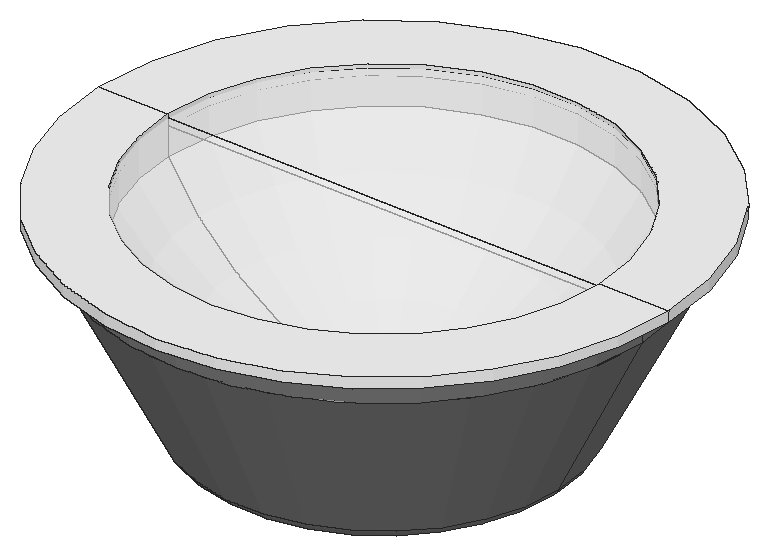
Revit family "30517", category Lighting Fixtures, host Face, Revit 2018
Family settings
  Host = Face
  Round Connector Dimension = Use Diameter
  Part Type = Normal
  OmniClass Number = 23.80.70.00
  OmniClass Title = Lighting
  Cut with Voids When Loaded = No
  Light Source = Yes
  Shared = No
  Room Calculation Point = No
Parameters (values of type "0030517 INSAVER SLIM UGR19 220 2500LM 840 SM")
  WidthBezel_SYL = if(Size1_SYL, 20 mm, if(Size2_SYL, 20 mm, if(Size3PIR_SYL, 30 mm, if(Size4_SYL, 20 mm, 20 mm))))  # 20 mm
  Weight = "n/a"
  Wattage Comments = ""
  Wattage = 9 W
  WarrantyStartDate [instance] = "n/a"
  WarrantyGuarantorParts = "n/a"
  WarrantyDurationUnit = "n/a"
  WarrantyDurationParts = ""
  WarrantyDescription = "http://www.sylvania-lighting.com"
  built-in parameter 1150110 = 1 (stored number, unit not read)
  Voltage = 230 V
  VisibilityPIR_SYL = Size3PIR_SYL  # no
  URL = "0.9"
  TypeName = "Insaver Slim UGR19 220 2500lm 840 Surface Mounted"
  Type Image = <None>
  Type Comments = "n/a"
  built-in parameter 1114217 = 1 (stored number, unit not read)
  Tilt Angle = -90.00°
  built-in parameter 1150109 = 1 (stored number, unit not read)
  built-in parameter 1150134 = (empty or 0)
  built-in parameter 1150113 = 1 (stored number, unit not read)
  Size4_SYL = no
  Size3PIR_SYL = no
  Size2_SYL = no
  Size1_SYL = yes
  SerialNumber [instance] = "n/a"
  RadiusTop_SYL = 6 mm
  RadiusReflector_SYL = if(Size1_SYL, 85 mm, if(Size2_SYL, 85 mm, if(Size3PIR_SYL, 85 mm, if(Size4_SYL, 100 mm, 120 mm))))  # 85 mm
  Photometric Web File = "0030517.IES"
  Material_3_FEILO = Top-Sylvania-STARTDownlight
  PowerFactor = 0.9
  PowerConsumption = "Lighting"
  NominalLength = 165 mm
  NominalHeight = 50 mm
  NominalDepth = 165 mm
  Name = "Insaver Slim UGR19 220 2500lm 840 Surface Mounted"
  ModelReference = Name  # "Insaver Slim UGR19 220 2500lm 840 Surface Mounted"
  ModelNumber = "0030517"
  Model = Name  # "Insaver Slim UGR19 220 2500lm 840 Surface Mounted"
  Material = "Feilo Sylvania"
  ManufacturerName = "125 lm/W"
  Manufacturer = ""
  LuminousEfficacy = ""
  built-in parameter 1150105 = 83.795 (stored number, unit not read)
  Lumens = 1053 lm
  LuminaireType = "0"
  built-in parameter 1150115 = 1 (stored number, unit not read)
  LightOutputRatio = "LED"
  built-in parameter 1150137 = (empty or 0)
  built-in parameter 1150139 = (empty or 0)
  LampsType = Lamp  # "n/a"
  LampNominalLuminous = "4000 K"
  LampMacAdamStep = "80"
  LampColourTemperature = "LED"
  LampColourRenderingIndex = "16500"
  built-in parameter 1150112 = 1 (stored number, unit not read)
  built-in parameter 1150114 = 1 (stored number, unit not read)
  Lamp = "n/a"
  Keynote = "n/a"
  InstallationDate [instance] = "n/a"
  InputVoltage = "0"
  InputNominalFrequency = "4000"
  built-in parameter 1150132 = (empty or 0)
  built-in parameter 1150102 = (empty or 0)
  built-in parameter 1150107 = 3000 (stored number, unit not read)
  built-in parameter 1150138 = (empty or 0)
  IngressProtection = "IfcLightFixtureType"
  ImpactProtectionIndex = "IfcLightFixtureType"
  built-in parameter 1150106 = 0.83795 (stored number, unit not read)
  IfcExportType = "IfcLightFixtureType"
  IfcExportAs = "Class II"
  Height_SYL = if(Size1_SYL, 61 mm, if(Size2_SYL, 61 mm, if(Size3PIR_SYL, 61 mm, if(Size4_SYL, 61 mm, 60 mm))))  # 61 mm
  HeightBezel_SYL = if(Size1_SYL, 3 mm, if(Size2_SYL, 3 mm, if(Size3PIR_SYL, 3 mm, if(Size4_SYL, 3.2 mm, 3 mm))))  # 3 mm
  ExpectedLife = 50000
  Emit from Circle Diameter = Diameter_SYL - 40 mm  # 125 mm
  Emit Shape Visible in Rendering = no
  ElectricShockClassification = "125"
  built-in parameter 1150104 = 10.87 (stored number, unit not read)
  DurationUnit = "hours"
  DocumentationLiterature = "http://www.sylvania-lighting.com/product/en-int/products/0030517"
  DimmingControlOptions = "n/a"
  Material_2_FEILO = Diffuser-Sylvania-STARTDownlight
  Dimming Lamp Color Temperature Shift = <None>
  Diameter_SYL = if(Size1_SYL, 165 mm, if(Size2_SYL, 190 mm, if(Size3PIR_SYL, 211 mm, if(Size4_SYL, 220 mm, 240 mm))))  # 165 mm
  DiameterTop_SYL = if(Size1_SYL, 98 mm, if(Size2_SYL, 122 mm, if(Size3PIR_SYL, 120 mm, if(Size4_SYL, 135 mm, 158 mm))))  # 98 mm
  DiameterTopBase_SYL = DiameterRecess_SYL  # 150 mm
  DiameterRecess_SYL = if(Size1_SYL, 150 mm, if(Size2_SYL, 170 mm, if(Size3PIR_SYL, 186 mm, if(Size4_SYL, 200 mm, 225 mm))))  # 150 mm
  Description = "Insaver Slim is a surface mounted LED downlight ,Die-cast aluminium body, loop in loop out connector for quick installation, Non dimmable LED driver, 20W; 2500lm; 125lm/W; 4000K; UGR <19 with height of 95 mm. Meets TP(a) requirements."
  Default Elevation = 1219.2 mm
  CreatedOn = "05/03/2024"
  CreatedBy = "@sylvania-lighting.com"
  Cost = 0
  Color Filter = 16777215
  built-in parameter 1114216 [instance] = (empty or 0)
  ClassificationValue = "EF_70_80"
  ClassificationName = "Uniclass2015"
  Material_1_FEILO = Trim-Sylvania-STARTDownlight-White
  BarCode [instance] = "n/a"
  built-in parameter 1114218 = 1 (stored number, unit not read)
  built-in parameter 1150133 = 10 (stored number, unit not read)
  AssetType = "Fixed"
  AssetIdentifier [instance] = "n/a"
  Assembly Code = "D5020200"
  Apparent Load = 20 VA
  Material_4_FEILO = LED-Sylvania-STARTDownlight
Reference planes
  plane 1 "Center (Front/Back)": y = 0
  plane 2: z = 0
  plane 3 "Center (Left/Right)": x = 0
  plane 4: x = 82.5
  plane 5: x = -82.5
  plane 6: z = 3
  plane 7: z = -8
  plane 8: z = -58
  plane 9: x = -75
  plane 10: x = 75
  plane 11: x = -49
  plane 12: x = 49
  plane 13: z = -85
  plane 14: x = -62.5
  plane 15: z = 2
  plane 16: z = -46
  plane 17: x = -16
  plane 18: x = -67.5
  plane 19: x = -81.5
  plane 20: x = -99.5
  plane 21: x = -76.5
  plane 22: z = 5.5
  plane 23: z = 8.7
  plane 24: x = -75.5
  plane 25: z = 13.7
Forms (mm)
  Revolve 1, void
    sketch origin (0, 0, 0) x (1, 0, 0) y (0, 0, 1)
      loop
        line (0, 0) -> (-75, 0) -> (-75, -85) -> (0, -85) -> (0, 0)
      axis (0, 0) -> (0, -85)
    angle from 360 to 0
  Revolve 2, solid, material "Trim-Sylvania-STARTDownlight-White" <- "Material_1_FEILO"
    sketch origin (0, 0, 0) x (1, 0, 0) y (0, 0, 1)
      loop
        line (-62.5, 3) -> (-82.5, 3) -> (-82.5, 0) -> (-75, 0) -> (-75, -8) -> (-50.681, -54.768)
        arc (-50.681, -54.768) -> (-48.471, -57.129) -> (-45.357, -58) r 6
        line (-45.357, -58) -> (0, -58) -> (0, -46) -> (-16, -46)
        arc (-16, -46) -> (-42.718, -31.243) -> (-62.5, -8) r 85
        line (-62.5, -8) -> (-62.5, 3)
      axis (0, 3) -> (0, -58)
    angle from 360 to 0
  Revolve 3, solid, material "Diffuser-Sylvania-STARTDownlight" <- "Material_2_FEILO"
    sketch origin (0, 0, 0) x (1, 0, 0) y (0, 0, 1)
      loop
        line (-62.5, 0) -> (0, 0) -> (0, 2) -> (-62.5, 2) -> (-62.5, 0)
      axis (0, 2) -> (0, 0)
    angle from 360 to 0
  Revolve 4, solid, material "Trim-Sylvania-STARTDownlight-White" <- "Material_1_FEILO", visible <- "VisibilityPIR_SYL"
    sketch origin (0, 0, 0) x (1, 0, 0) y (0, 0, 1)
      loop
        line (-67.5, 3) -> (-67.5, 13.7)
        arc (-67.5, 13.7) -> (-72.217, 12.347) -> (-75.5, 8.7) r 8.9
        line (-75.5, 8.7) -> (-75.5, 5.5) -> (-76.5, 5.5) -> (-76.5, 3) -> (-67.5, 3)
      axis (-67.5, 13.7) -> (-67.5, 3)
    angle from 360 to 0
Dimensions and locks
  equal spacing: plane 4, plane 3 "Center (Left/Right)", plane 5
  "Diameter_SYL": plane 4 to plane 5
  equal spacing: plane 10, plane 3 "Center (Left/Right)", plane 9
  equal spacing: plane 12, plane 3 "Center (Left/Right)", plane 11
  "DiameterTop_SYL": plane 12 to plane 11
  "HeightBezel_SYL": plane 6 to plane 2
  "Height_SYL": plane 6 to plane 8
  locked: plane 2 to plane 7 at 8
  locked: plane 2 to plane 13 at 85
  "WidthBezel_SYL": plane 14 to plane 5
  locked: plane 6 to plane 15 at 1
  "DiameterRecess_SYL": plane 10 to plane 9
  locked: plane 3 "Center (Left/Right)" to plane 17 at 16
  locked: plane 16 to plane 8 at 12
  locked: plane 18 to plane 21 at 9
  locked: plane 22 to plane 6 at 2.5
  locked: plane 23 to plane 22 at 3.2
  locked: plane 18 to plane 24 at 8
  locked: plane 25 to plane 23 at 5
  locked: plane 25 to Revolve 4 sketch curve at 8.9
  locked: plane 18 to plane 5 at 15
  "RadiusReflector_SYL": radius of Revolve 2 sketch curve
  "RadiusTop_SYL": radius of Revolve 2 sketch curve
  aligned and locked: plane 2 to host face
  aligned and locked: level to host face
  aligned and locked: Revolve 1 sketch curve to plane 3 "Center (Left/Right)"
  aligned and locked: plane 3 "Center (Left/Right)" to Revolve 1 sketch curve
  aligned and locked: Revolve 1 sketch curve to plane 9
  aligned and locked: plane 13 to Revolve 1 sketch curve
  aligned and locked: plane 3 "Center (Left/Right)" to imposter light
  aligned and locked: imposter light to plane 15
  aligned and locked: imposter light to plane 1 "Center (Front/Back)"
  aligned and locked: Revolve 2 sketch curve to plane 3 "Center (Left/Right)"
  aligned and locked: Revolve 2 sketch curve to plane 6
  aligned and locked: Revolve 2 sketch curve to plane 5
  aligned and locked: Revolve 2 sketch curve to level
  aligned and locked: plane 7 to Revolve 2 sketch curve  (x2)
  aligned and locked: Revolve 2 sketch curve to plane 9
  aligned and locked: plane 8 to Revolve 2 sketch curve
  aligned and locked: Revolve 2 sketch curve to plane 14
  aligned and locked: plane 3 "Center (Left/Right)" to Revolve 2 sketch curve
  aligned and locked: Revolve 2 sketch curve to plane 16
  aligned and locked: Revolve 3 sketch curve to plane 3 "Center (Left/Right)"
  aligned and locked: Revolve 3 sketch curve to level
  aligned and locked: imposter light to Revolve 3 sketch curve  (x2)
  aligned and locked: Revolve 4 sketch curve to plane 18  (x2)
  aligned and locked: Revolve 4 sketch curve to plane 6
  aligned and locked: plane 22 to Revolve 4 sketch curve
  aligned and locked: plane 24 to Revolve 4 sketch curve
  aligned and locked: Revolve 4 sketch curve to Revolve 4 sketch curve
  aligned and locked: plane 21 to Revolve 4 sketch curve
Automatic sketch dimensions
  host sketch curve to host sketch curve = 2438.4 mm  (x2)
  plane 13 to Revolve 1 sketch curve = 524.6 mm
  Revolve 1 sketch curve to plane 6 = 2606.058 mm
  Revolve 1 sketch curve to level = 0 mm
  Revolve 2 sketch curve to plane 17 = 0 mm
  Revolve 2 sketch curve to plane 11 = 1.681 mm
  plane 11 to Revolve 2 sketch curve = 3.643 mm
  plane 13 to Revolve 2 sketch curve = 524.6 mm
  Revolve 2 sketch curve to Revolve 2 sketch curve = 2577.983 mm
  Revolve 3 sketch curve to plane 14 = 0 mm
  plane 13 to Revolve 3 sketch curve = 524.6 mm
  Revolve 3 sketch curve to plane 6 = 2606.058 mm
  Revolve 4 sketch curve to plane 23 = 0 mm
  plane 13 to Revolve 4 sketch curve = 524.6 mm
  Revolve 4 sketch curve to Revolve 4 sketch curve = 2595.358 mm
Connectors
  electrical at (0, 0, 0), driven by "Apparent Load", driven by "PowerFactor", driven by "Voltage"
    settings: index 1, voltage 230 V, apparent load 20 VA, apparent load phase1 0 VA, apparent load phase2 0 VA, apparent load phase3 0 VA, power factor 0.9, load classification "Lighting", number of poles 1, system type 30, power factor state 1, is connector primary yes, connector utility no, sub classification motor no, connector description ""
